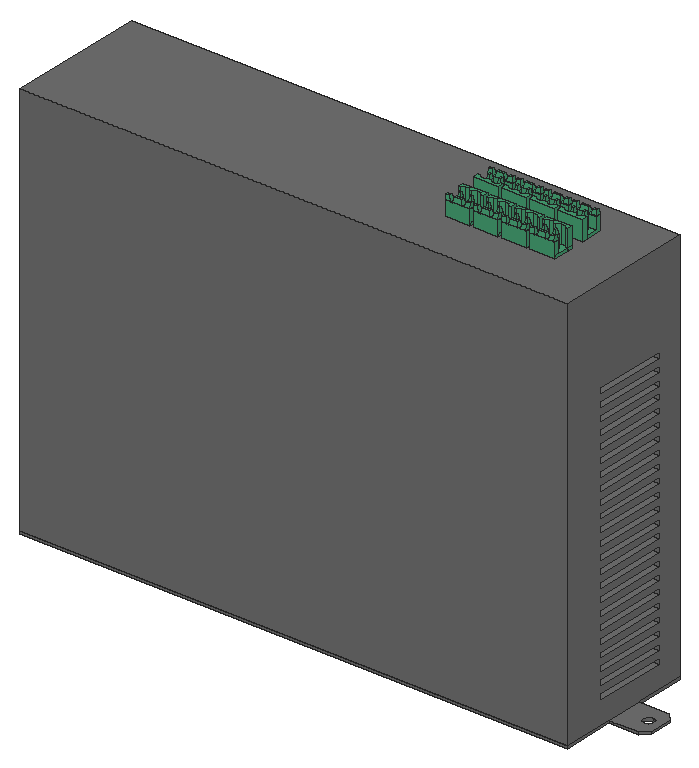
Revit family "БП24 12В 24В_RV17_LOD400 (05.10.23)", category Электрооборудование, Revit 2017
Family settings
  Конфигурация панели = Два столбца, слева направо
  Размер круглого соединителя = Использовать диаметр
  Тип детали = Щит
  На основе рабочей плоскости = Да
  Всегда вертикально = Нет
  При загрузке вырезать с полостями = Нет
  Общий = Нет
  Точка расчета площади = Нет
Parameters (values of type "БП24 Блок питания 12В/24В")
  Смещение_УГО_Y [instance] = 0 mm
  Смещение_УГО_X [instance] = 0 mm
  Раздел проекта [instance] = ""
  Раздел Спецификации [instance] = ""
  Потребляемый ток, не более, А = 7 A
  Default Elevation = 1219.2 mm
  Напряжение = "24"
  Входное напряжение постоянного тока, В = "9,2-18"
  Время непрерывной работы, ч = "круглосуточно"
  В_Смещение_УГО_Y [instance] = Смещение_УГО_Y + 2000 mm  # 2000 mm
  В_Смещение_УГО_X [instance] = Смещение_УГО_X + 2000 mm  # 2000 mm
  d_короба = 20 mm
  ADSK_Размер_Длина = 250 mm
  ADSK_Размер_Глубина = 160 mm
  ADSK_Размер_Высота = 56 mm
  ADSK_Примечание = ""
  ADSK_Наименование = "БП24 Блок питания 12В/24В"
  ADSK_Масса = 1.5
  ADSK_Марка = "СТВФ.426471.064"
  ADSK_Количество = 1
  ADSK_Завод-изготовитель = "ООО «Основа Безопасности»"  # constant formula
  ADSK_Единица измерения = "шт."  # constant formula
  ADSK_URL страницы изделия = "https://stilsoft.ru/products/12v-24v-bp24-1sv"
  ADSK_URL документации изделия = ""
Reference planes
  plane 1 "По центру (Вперед/Назад)": y = 0
  plane 2: z = 0
  plane 3 "По центру (Влево/Вправо)": x = 0
  plane 4: y = 2000
  plane 5: x = -2000
  plane 6: x = 0
  plane 7: y = 0
  plane 8: x = 125
  plane 9: x = -125
  plane 10 "2": x = 110
  plane 11 "1": x = -110
  plane 12: y = 28
  plane 13: y = -28
  plane 14: z = 160
Forms (mm)
  Extrusion 1, solid, material "корпус", detail levels medium+fine
    sketch origin (0, 28, 0) x (0, -1, 0) y (1, 0, 0)
      loop
        line (56, -110) -> (56, 110) -> (35.5, 110) -> (35.5, 121.988) -> (32.488, 125) -> (23.453, 125) -> (20.5, 122.047) -> (20.5, 110) -> (0, 110) -> (0, -110) -> (20.5, -110) -> (20.5, -122.047) -> (23.453, -125) -> (32.488, -125) -> (35.5, -121.988) -> (35.5, -110) -> (56, -110)
      loop
        circle (27.971, -120) r 2.068
      loop
        circle (27.971, 120) r 2.068
    from 0 to 1
  Extrusion 2, solid, material "корпус", detail levels medium+fine
    sketch origin (0, 28, 0) x (0, -1, 0) y (1, 0, 0)
      loop
        line (56, -110) -> (56, 110) -> (0, 110) -> (0, -110) -> (56, -110)
    from 1 to 160
  Extrusion 3, void
    sketch origin (-110, 28, 0) x (0, 1, 0) y (0, 0, -1)
      loop
        line (-10, -10) -> (-40, -10) -> (-40, -12.5) -> (-10, -12.5) -> (-10, -10)
    from 0 to -16
  Extrusion 4, void
    sketch origin (110, 28, 0) x (0, 1, 0) y (0, 0, 1)
      loop
        line (-10, 10) -> (-10, 12.5) -> (-40, 12.5) -> (-40, 10) -> (-10, 10)
    from 0 to -16
  Extrusion 5, void
    sketch origin (-110, 28, 5) x (0, 1, 0) y (0, 0, -1)
      loop
        line (-10, -10) -> (-40, -10) -> (-40, -12.5) -> (-10, -12.5) -> (-10, -10)
    from 0 to -16
  Extrusion 6, void
    sketch origin (110, 28, 5) x (0, 1, 0) y (0, 0, 1)
      loop
        line (-10, 10) -> (-10, 12.5) -> (-40, 12.5) -> (-40, 10) -> (-10, 10)
    from 0 to -16
  Extrusion 7, void
    sketch origin (-110, 28, 10) x (0, 1, 0) y (0, 0, -1)
      loop
        line (-10, -10) -> (-40, -10) -> (-40, -12.5) -> (-10, -12.5) -> (-10, -10)
    from 0 to -16
  Extrusion 8, void
    sketch origin (110, 28, 10) x (0, 1, 0) y (0, 0, 1)
      loop
        line (-10, 10) -> (-10, 12.5) -> (-40, 12.5) -> (-40, 10) -> (-10, 10)
    from 0 to -16
  Extrusion 9, void
    sketch origin (-110, 28, 15) x (0, 1, 0) y (0, 0, -1)
      loop
        line (-10, -10) -> (-40, -10) -> (-40, -12.5) -> (-10, -12.5) -> (-10, -10)
    from 0 to -16
  Extrusion 10, void
    sketch origin (110, 28, 15) x (0, 1, 0) y (0, 0, 1)
      loop
        line (-10, 10) -> (-10, 12.5) -> (-40, 12.5) -> (-40, 10) -> (-10, 10)
    from 0 to -16
  Extrusion 11, void
    sketch origin (-110, 28, 20) x (0, 1, 0) y (0, 0, -1)
      loop
        line (-10, -10) -> (-40, -10) -> (-40, -12.5) -> (-10, -12.5) -> (-10, -10)
    from 0 to -16
  Extrusion 12, void
    sketch origin (110, 28, 20) x (0, 1, 0) y (0, 0, 1)
      loop
        line (-10, 10) -> (-10, 12.5) -> (-40, 12.5) -> (-40, 10) -> (-10, 10)
    from 0 to -16
  Extrusion 13, void
    sketch origin (-110, 28, 25) x (0, 1, 0) y (0, 0, -1)
      loop
        line (-10, -10) -> (-40, -10) -> (-40, -12.5) -> (-10, -12.5) -> (-10, -10)
    from 0 to -16
  Extrusion 14, void
    sketch origin (110, 28, 25) x (0, 1, 0) y (0, 0, 1)
      loop
        line (-10, 10) -> (-10, 12.5) -> (-40, 12.5) -> (-40, 10) -> (-10, 10)
    from 0 to -16
  Extrusion 15, void
    sketch origin (-110, 28, 30) x (0, 1, 0) y (0, 0, -1)
      loop
        line (-10, -10) -> (-40, -10) -> (-40, -12.5) -> (-10, -12.5) -> (-10, -10)
    from 0 to -16
  Extrusion 16, void
    sketch origin (110, 28, 30) x (0, 1, 0) y (0, 0, 1)
      loop
        line (-10, 10) -> (-10, 12.5) -> (-40, 12.5) -> (-40, 10) -> (-10, 10)
    from 0 to -16
  Extrusion 17, void
    sketch origin (-110, 28, 35) x (0, 1, 0) y (0, 0, -1)
      loop
        line (-10, -10) -> (-40, -10) -> (-40, -12.5) -> (-10, -12.5) -> (-10, -10)
    from 0 to -16
  Extrusion 18, void
    sketch origin (110, 28, 35) x (0, 1, 0) y (0, 0, 1)
      loop
        line (-10, 10) -> (-10, 12.5) -> (-40, 12.5) -> (-40, 10) -> (-10, 10)
    from 0 to -16
  Extrusion 19, void
    sketch origin (-110, 28, 40) x (0, 1, 0) y (0, 0, -1)
      loop
        line (-10, -10) -> (-40, -10) -> (-40, -12.5) -> (-10, -12.5) -> (-10, -10)
    from 0 to -16
  Extrusion 20, void
    sketch origin (110, 28, 40) x (0, 1, 0) y (0, 0, 1)
      loop
        line (-10, 10) -> (-10, 12.5) -> (-40, 12.5) -> (-40, 10) -> (-10, 10)
    from 0 to -16
  Extrusion 21, void
    sketch origin (-110, 28, 45) x (0, 1, 0) y (0, 0, -1)
      loop
        line (-10, -10) -> (-40, -10) -> (-40, -12.5) -> (-10, -12.5) -> (-10, -10)
    from 0 to -16
  Extrusion 22, void
    sketch origin (110, 28, 45) x (0, 1, 0) y (0, 0, 1)
      loop
        line (-10, 10) -> (-10, 12.5) -> (-40, 12.5) -> (-40, 10) -> (-10, 10)
    from 0 to -16
  Extrusion 23, void
    sketch origin (-110, 28, 50) x (0, 1, 0) y (0, 0, -1)
      loop
        line (-10, -10) -> (-40, -10) -> (-40, -12.5) -> (-10, -12.5) -> (-10, -10)
    from 0 to -16
  Extrusion 24, void
    sketch origin (110, 28, 50) x (0, 1, 0) y (0, 0, 1)
      loop
        line (-10, 10) -> (-10, 12.5) -> (-40, 12.5) -> (-40, 10) -> (-10, 10)
    from 0 to -16
  Extrusion 25, void
    sketch origin (-110, 28, 55) x (0, 1, 0) y (0, 0, -1)
      loop
        line (-10, -10) -> (-40, -10) -> (-40, -12.5) -> (-10, -12.5) -> (-10, -10)
    from 0 to -16
  Extrusion 26, void
    sketch origin (110, 28, 55) x (0, 1, 0) y (0, 0, 1)
      loop
        line (-10, 10) -> (-10, 12.5) -> (-40, 12.5) -> (-40, 10) -> (-10, 10)
    from 0 to -16
  Extrusion 27, void
    sketch origin (-110, 28, 60) x (0, 1, 0) y (0, 0, -1)
      loop
        line (-10, -10) -> (-40, -10) -> (-40, -12.5) -> (-10, -12.5) -> (-10, -10)
    from 0 to -16
  Extrusion 28, void
    sketch origin (110, 28, 60) x (0, 1, 0) y (0, 0, 1)
      loop
        line (-10, 10) -> (-10, 12.5) -> (-40, 12.5) -> (-40, 10) -> (-10, 10)
    from 0 to -16
  Extrusion 29, void
    sketch origin (-110, 28, 65) x (0, 1, 0) y (0, 0, -1)
      loop
        line (-10, -10) -> (-40, -10) -> (-40, -12.5) -> (-10, -12.5) -> (-10, -10)
    from 0 to -16
  Extrusion 30, void
    sketch origin (110, 28, 65) x (0, 1, 0) y (0, 0, 1)
      loop
        line (-10, 10) -> (-10, 12.5) -> (-40, 12.5) -> (-40, 10) -> (-10, 10)
    from 0 to -16
  Extrusion 31, void
    sketch origin (-110, 28, 70) x (0, 1, 0) y (0, 0, -1)
      loop
        line (-10, -10) -> (-40, -10) -> (-40, -12.5) -> (-10, -12.5) -> (-10, -10)
    from 0 to -16
  Extrusion 32, void
    sketch origin (110, 28, 70) x (0, 1, 0) y (0, 0, 1)
      loop
        line (-10, 10) -> (-10, 12.5) -> (-40, 12.5) -> (-40, 10) -> (-10, 10)
    from 0 to -16
  Extrusion 33, void
    sketch origin (-110, 28, 75) x (0, 1, 0) y (0, 0, -1)
      loop
        line (-10, -10) -> (-40, -10) -> (-40, -12.5) -> (-10, -12.5) -> (-10, -10)
    from 0 to -16
  Extrusion 34, void
    sketch origin (110, 28, 75) x (0, 1, 0) y (0, 0, 1)
      loop
        line (-10, 10) -> (-10, 12.5) -> (-40, 12.5) -> (-40, 10) -> (-10, 10)
    from 0 to -16
  Extrusion 35, void
    sketch origin (-110, 28, 80) x (0, 1, 0) y (0, 0, -1)
      loop
        line (-10, -10) -> (-40, -10) -> (-40, -12.5) -> (-10, -12.5) -> (-10, -10)
    from 0 to -16
  Extrusion 36, void
    sketch origin (110, 28, 80) x (0, 1, 0) y (0, 0, 1)
      loop
        line (-10, 10) -> (-10, 12.5) -> (-40, 12.5) -> (-40, 10) -> (-10, 10)
    from 0 to -16
  Extrusion 37, void
    sketch origin (-110, 28, 85) x (0, 1, 0) y (0, 0, -1)
      loop
        line (-10, -10) -> (-40, -10) -> (-40, -12.5) -> (-10, -12.5) -> (-10, -10)
    from 0 to -16
  Extrusion 38, void
    sketch origin (110, 28, 85) x (0, 1, 0) y (0, 0, 1)
      loop
        line (-10, 10) -> (-10, 12.5) -> (-40, 12.5) -> (-40, 10) -> (-10, 10)
    from 0 to -16
  Extrusion 39, void
    sketch origin (-110, 28, 90) x (0, 1, 0) y (0, 0, -1)
      loop
        line (-10, -10) -> (-40, -10) -> (-40, -12.5) -> (-10, -12.5) -> (-10, -10)
    from 0 to -16
  Extrusion 40, void
    sketch origin (110, 28, 90) x (0, 1, 0) y (0, 0, 1)
      loop
        line (-10, 10) -> (-10, 12.5) -> (-40, 12.5) -> (-40, 10) -> (-10, 10)
    from 0 to -16
  Extrusion 41, void
    sketch origin (-110, 28, 95) x (0, 1, 0) y (0, 0, -1)
      loop
        line (-10, -10) -> (-40, -10) -> (-40, -12.5) -> (-10, -12.5) -> (-10, -10)
    from 0 to -16
  Extrusion 42, void
    sketch origin (110, 28, 95) x (0, 1, 0) y (0, 0, 1)
      loop
        line (-10, 10) -> (-10, 12.5) -> (-40, 12.5) -> (-40, 10) -> (-10, 10)
    from 0 to -16
  Extrusion 43, void
    sketch origin (-110, 28, 100) x (0, 1, 0) y (0, 0, -1)
      loop
        line (-10, -10) -> (-40, -10) -> (-40, -12.5) -> (-10, -12.5) -> (-10, -10)
    from 0 to -16
  Extrusion 44, void
    sketch origin (110, 28, 100) x (0, 1, 0) y (0, 0, 1)
      loop
        line (-10, 10) -> (-10, 12.5) -> (-40, 12.5) -> (-40, 10) -> (-10, 10)
    from 0 to -16
  Extrusion 45, void
    sketch origin (-110, 28, 105) x (0, 1, 0) y (0, 0, -1)
      loop
        line (-10, -10) -> (-40, -10) -> (-40, -12.5) -> (-10, -12.5) -> (-10, -10)
    from 0 to -16
  Extrusion 46, void
    sketch origin (110, 28, 105) x (0, 1, 0) y (0, 0, 1)
      loop
        line (-10, 10) -> (-10, 12.5) -> (-40, 12.5) -> (-40, 10) -> (-10, 10)
    from 0 to -16
  Extrusion 47, void
    sketch origin (-110, 28, 110) x (0, 1, 0) y (0, 0, -1)
      loop
        line (-10, -10) -> (-40, -10) -> (-40, -12.5) -> (-10, -12.5) -> (-10, -10)
    from 0 to -16
  Extrusion 48, void
    sketch origin (110, 28, 110) x (0, 1, 0) y (0, 0, 1)
      loop
        line (-10, 10) -> (-10, 12.5) -> (-40, 12.5) -> (-40, 10) -> (-10, 10)
    from 0 to -16
  Extrusion 49, solid, material "пластик", detail levels medium+fine
    sketch origin (0, 28, 160) x (-1, 0, 0) y (0, -1, 0)
      loop
        line (-88.874, 22.176) -> (-88.874, 20.194) -> (-87.999, 20.194) -> (-87.035, 21.158) -> (-85.275, 21.158) -> (-84.311, 20.194) -> (-83.437, 20.194) -> (-82.473, 21.158) -> (-80.713, 21.158) -> (-79.749, 20.194) -> (-78.874, 20.194) -> (-78.874, 22.176) -> (-88.874, 22.176)
    from 0 to 8
  Extrusion 50, solid, material "пластик", detail levels medium+fine
    sketch origin (0, 28, 160) x (-1, 0, 0) y (0, -1, 0)
      loop
        line (-88.874, 13.576) -> (-78.874, 13.576) -> (-78.874, 15.179) -> (-88.874, 15.179) -> (-88.874, 13.576)
      loop
        line (-86.7, 18.322) -> (-86.7, 16.951) -> (-85.492, 16.951) -> (-85.492, 18.322) -> (-86.7, 18.322)
      loop
        line (-81.048, 18.322) -> (-82.256, 18.322) -> (-82.256, 16.951) -> (-81.048, 16.951) -> (-81.048, 18.322)
    from 0 to 6
  Extrusion 51, solid, material "пластик", detail levels medium+fine
    sketch origin (0, 28, 160) x (-1, 0, 0) y (0, -1, 0)
      loop
        line (-88.874, 22.176) -> (-88.874, 13.576) -> (-78.874, 13.576) -> (-78.874, 22.176) -> (-88.874, 22.176)
    from 0 to 1
  Blend 52, solid, material "пластик", detail levels medium+fine
    base sketch origin (0, 28, 160) x (-1, 0, 0) y (0, -1, 0)
      loop
        line (-86.7, 18.322) -> (-86.7, 16.951) -> (-85.492, 16.951) -> (-85.492, 18.322) -> (-86.7, 18.322)
    top sketch origin (0, 28, 160) x (-1, 0, 0) y (0, -1, 0)
      loop
        line (-86.468, 18.039) -> (-86.468, 17.236) -> (-85.682, 17.236) -> (-85.682, 18.039) -> (-86.468, 18.039)
    from 6 to 8
  Blend 53, solid, material "пластик", detail levels medium+fine
    base sketch origin (0, 28, 160) x (-1, 0, 0) y (0, -1, 0)
      loop
        line (-82.256, 18.322) -> (-82.256, 16.951) -> (-81.048, 16.951) -> (-81.048, 18.322) -> (-82.256, 18.322)
    top sketch origin (0, 28, 160) x (-1, 0, 0) y (0, -1, 0)
      loop
        line (-82.024, 18.039) -> (-82.024, 17.236) -> (-81.238, 17.236) -> (-81.238, 18.039) -> (-82.024, 18.039)
    from 6 to 8
  Blend 54, solid, material "пластик", detail levels medium+fine
    base sketch origin (0, 28, 160) x (-1, 0, 0) y (0, -1, 0)
      loop
        line (-85.619, 15.179) -> (-85.619, 13.576) -> (-82.038, 13.576) -> (-82.038, 15.179) -> (-85.619, 15.179)
    top sketch origin (0, 28, 160) x (-1, 0, 0) y (0, -1, 0)
      loop
        line (-85.188, 14.742) -> (-85.188, 13.96) -> (-82.37, 13.96) -> (-82.37, 14.742) -> (-85.188, 14.742)
    from 6 to 8
  Blend 55, solid, material "пластик", detail levels medium+fine
    base sketch origin (0, 28, 160) x (-1, 0, 0) y (0, -1, 0)
      loop
        line (-80.909, 15.179) -> (-80.909, 13.576) -> (-78.874, 13.576) -> (-78.874, 15.179) -> (-80.909, 15.179)
    top sketch origin (0, 28, 160) x (-1, 0, 0) y (0, -1, 0)
      loop
        line (-80.546, 14.793) -> (-80.546, 13.954) -> (-78.874, 13.954) -> (-78.874, 14.793) -> (-80.546, 14.793)
    from 6 to 8
  Blend 56, solid, material "пластик", detail levels medium+fine
    base sketch origin (0, 28, 160) x (-1, 0, 0) y (0, -1, 0)
      loop
        line (-86.747, 15.179) -> (-88.783, 15.179) -> (-88.783, 13.576) -> (-86.747, 13.576) -> (-86.747, 15.179)
    top sketch origin (0, 28, 160) x (-1, 0, 0) y (0, -1, 0)
      loop
        line (-87.111, 14.793) -> (-88.783, 14.793) -> (-88.783, 13.954) -> (-87.111, 13.954) -> (-87.111, 14.793)
    from 6 to 8
  Extrusion 57, solid, material "пластик", detail levels medium+fine
    sketch origin (0, 28, 160) x (-1, 0, 0) y (0, -1, 0)
      loop
        line (-88.874, 27.824) -> (-78.874, 27.824) -> (-78.874, 29.806) -> (-79.749, 29.806) -> (-80.713, 28.842) -> (-82.473, 28.842) -> (-83.437, 29.806) -> (-84.311, 29.806) -> (-85.275, 28.842) -> (-87.035, 28.842) -> (-87.999, 29.806) -> (-88.874, 29.806) -> (-88.874, 27.824)
    from 0 to 8
  Extrusion 58, solid, material "пластик", detail levels medium+fine
    sketch origin (0, 28, 160) x (-1, 0, 0) y (0, -1, 0)
      loop
        line (-88.874, 36.424) -> (-88.874, 34.821) -> (-78.874, 34.821) -> (-78.874, 36.424) -> (-88.874, 36.424)
      loop
        line (-86.7, 31.678) -> (-85.492, 31.678) -> (-85.492, 33.049) -> (-86.7, 33.049) -> (-86.7, 31.678)
      loop
        line (-81.048, 31.678) -> (-81.048, 33.049) -> (-82.256, 33.049) -> (-82.256, 31.678) -> (-81.048, 31.678)
    from 0 to 6
  Extrusion 59, solid, material "пластик", detail levels medium+fine
    sketch origin (0, 28, 160) x (-1, 0, 0) y (0, -1, 0)
      loop
        line (-88.874, 27.824) -> (-78.874, 27.824) -> (-78.874, 36.424) -> (-88.874, 36.424) -> (-88.874, 27.824)
    from 0 to 1
  Blend 60, solid, material "пластик", detail levels medium+fine
    base sketch origin (0, 28, 160) x (-1, 0, 0) y (0, -1, 0)
      loop
        line (-86.7, 31.678) -> (-85.492, 31.678) -> (-85.492, 33.049) -> (-86.7, 33.049) -> (-86.7, 31.678)
    top sketch origin (0, 28, 160) x (-1, 0, 0) y (0, -1, 0)
      loop
        line (-86.468, 31.961) -> (-85.682, 31.961) -> (-85.682, 32.764) -> (-86.468, 32.764) -> (-86.468, 31.961)
    from 6 to 8
  Blend 61, solid, material "пластик", detail levels medium+fine
    base sketch origin (0, 28, 160) x (-1, 0, 0) y (0, -1, 0)
      loop
        line (-82.256, 31.678) -> (-81.048, 31.678) -> (-81.048, 33.049) -> (-82.256, 33.049) -> (-82.256, 31.678)
    top sketch origin (0, 28, 160) x (-1, 0, 0) y (0, -1, 0)
      loop
        line (-82.024, 31.961) -> (-81.238, 31.961) -> (-81.238, 32.764) -> (-82.024, 32.764) -> (-82.024, 31.961)
    from 6 to 8
  Blend 62, solid, material "пластик", detail levels medium+fine
    base sketch origin (0, 28, 160) x (-1, 0, 0) y (0, -1, 0)
      loop
        line (-85.619, 34.821) -> (-82.038, 34.821) -> (-82.038, 36.424) -> (-85.619, 36.424) -> (-85.619, 34.821)
    top sketch origin (0, 28, 160) x (-1, 0, 0) y (0, -1, 0)
      loop
        line (-85.188, 35.258) -> (-82.37, 35.258) -> (-82.37, 36.04) -> (-85.188, 36.04) -> (-85.188, 35.258)
    from 6 to 8
  Blend 63, solid, material "пластик", detail levels medium+fine
    base sketch origin (0, 28, 160) x (-1, 0, 0) y (0, -1, 0)
      loop
        line (-80.909, 34.821) -> (-78.874, 34.821) -> (-78.874, 36.424) -> (-80.909, 36.424) -> (-80.909, 34.821)
    top sketch origin (0, 28, 160) x (-1, 0, 0) y (0, -1, 0)
      loop
        line (-80.546, 35.207) -> (-78.874, 35.207) -> (-78.874, 36.046) -> (-80.546, 36.046) -> (-80.546, 35.207)
    from 6 to 8
  Blend 64, solid, material "пластик", detail levels medium+fine
    base sketch origin (0, 28, 160) x (-1, 0, 0) y (0, -1, 0)
      loop
        line (-86.747, 34.821) -> (-86.747, 36.424) -> (-88.783, 36.424) -> (-88.783, 34.821) -> (-86.747, 34.821)
    top sketch origin (0, 28, 160) x (-1, 0, 0) y (0, -1, 0)
      loop
        line (-87.111, 35.207) -> (-87.111, 36.046) -> (-88.783, 36.046) -> (-88.783, 35.207) -> (-87.111, 35.207)
    from 6 to 8
  Extrusion 65, solid, material "пластик", detail levels medium+fine
    sketch origin (176.237, 27.009, 160) x (-1, 0, 0) y (0, -1, 0)
      loop
        line (98.62, 21.184) -> (98.62, 19.202) -> (99.495, 19.202) -> (100.459, 20.166) -> (102.219, 20.166) -> (103.183, 19.202) -> (104.058, 19.202) -> (105.022, 20.166) -> (106.781, 20.166) -> (107.745, 19.202) -> (108.62, 19.202) -> (108.62, 21.184) -> (98.62, 21.184)
    from 0 to 8
  Extrusion 66, solid, material "пластик", detail levels medium+fine
    sketch origin (176.237, 27.009, 160) x (-1, 0, 0) y (0, -1, 0)
      loop
        line (98.62, 12.584) -> (108.62, 12.584) -> (108.62, 14.187) -> (98.62, 14.187) -> (98.62, 12.584)
      loop
        line (100.794, 17.33) -> (100.794, 15.959) -> (102.002, 15.959) -> (102.002, 17.33) -> (100.794, 17.33)
      loop
        line (106.446, 17.33) -> (105.238, 17.33) -> (105.238, 15.959) -> (106.446, 15.959) -> (106.446, 17.33)
    from 0 to 6
  Extrusion 67, solid, material "пластик", detail levels medium+fine
    sketch origin (176.237, 27.009, 160) x (-1, 0, 0) y (0, -1, 0)
      loop
        line (98.62, 21.184) -> (98.62, 12.584) -> (108.62, 12.584) -> (108.62, 21.184) -> (98.62, 21.184)
    from 0 to 1
  Blend 68, solid, material "пластик", detail levels medium+fine
    base sketch origin (176.237, 27.009, 160) x (-1, 0, 0) y (0, -1, 0)
      loop
        line (100.794, 17.33) -> (100.794, 15.959) -> (102.002, 15.959) -> (102.002, 17.33) -> (100.794, 17.33)
    top sketch origin (176.237, 27.009, 160) x (-1, 0, 0) y (0, -1, 0)
      loop
        line (101.026, 17.048) -> (101.026, 16.244) -> (101.812, 16.244) -> (101.812, 17.048) -> (101.026, 17.048)
    from 6 to 8
  Blend 69, solid, material "пластик", detail levels medium+fine
    base sketch origin (171.793, 27.009, 160) x (-1, 0, 0) y (0, -1, 0)
      loop
        line (100.794, 17.33) -> (100.794, 15.959) -> (102.002, 15.959) -> (102.002, 17.33) -> (100.794, 17.33)
    top sketch origin (171.793, 27.009, 160) x (-1, 0, 0) y (0, -1, 0)
      loop
        line (101.026, 17.048) -> (101.026, 16.244) -> (101.812, 16.244) -> (101.812, 17.048) -> (101.026, 17.048)
    from 6 to 8
  Blend 70, solid, material "пластик", detail levels medium+fine
    base sketch origin (176.237, 27.009, 160) x (-1, 0, 0) y (0, -1, 0)
      loop
        line (101.875, 14.187) -> (101.875, 12.584) -> (105.457, 12.584) -> (105.457, 14.187) -> (101.875, 14.187)
    top sketch origin (176.237, 27.009, 160) x (-1, 0, 0) y (0, -1, 0)
      loop
        line (102.306, 13.751) -> (102.306, 12.968) -> (105.125, 12.968) -> (105.125, 13.751) -> (102.306, 13.751)
    from 6 to 8
  Blend 71, solid, material "пластик", detail levels medium+fine
    base sketch origin (176.237, 27.009, 160) x (-1, 0, 0) y (0, -1, 0)
      loop
        line (106.585, 14.187) -> (106.585, 12.584) -> (108.62, 12.584) -> (108.62, 14.187) -> (106.585, 14.187)
    top sketch origin (176.237, 27.009, 160) x (-1, 0, 0) y (0, -1, 0)
      loop
        line (106.948, 13.801) -> (106.948, 12.962) -> (108.62, 12.962) -> (108.62, 13.801) -> (106.948, 13.801)
    from 6 to 8
  Blend 72, solid, material "пластик", detail levels medium+fine
    base sketch origin (-31.095, 27.009, 160) x (1, 0, 0) y (0, 1, 0)
      loop
        line (106.585, -14.187) -> (108.62, -14.187) -> (108.62, -12.584) -> (106.585, -12.584) -> (106.585, -14.187)
    top sketch origin (-31.095, 27.009, 160) x (1, 0, 0) y (0, 1, 0)
      loop
        line (106.948, -13.801) -> (108.62, -13.801) -> (108.62, -12.962) -> (106.948, -12.962) -> (106.948, -13.801)
    from 6 to 8
  Extrusion 73, solid, material "пластик", detail levels medium+fine
    sketch origin (176.237, -21.009, 160) x (-1, 0, 0) y (0, -1, 0)
      loop
        line (98.62, -21.184) -> (108.62, -21.184) -> (108.62, -19.202) -> (107.745, -19.202) -> (106.781, -20.166) -> (105.022, -20.166) -> (104.058, -19.202) -> (103.183, -19.202) -> (102.219, -20.166) -> (100.459, -20.166) -> (99.495, -19.202) -> (98.62, -19.202) -> (98.62, -21.184)
    from 0 to 8
  Extrusion 74, solid, material "пластик", detail levels medium+fine
    sketch origin (176.237, -21.009, 160) x (-1, 0, 0) y (0, -1, 0)
      loop
        line (98.62, -12.584) -> (98.62, -14.187) -> (108.62, -14.187) -> (108.62, -12.584) -> (98.62, -12.584)
      loop
        line (100.794, -17.33) -> (102.002, -17.33) -> (102.002, -15.959) -> (100.794, -15.959) -> (100.794, -17.33)
      loop
        line (106.446, -17.33) -> (106.446, -15.959) -> (105.238, -15.959) -> (105.238, -17.33) -> (106.446, -17.33)
    from 0 to 6
  Extrusion 75, solid, material "пластик", detail levels medium+fine
    sketch origin (0, 28, 160) x (-1, 0, 0) y (0, -1, 0)
      loop
        line (-77.617, 27.824) -> (-67.617, 27.824) -> (-67.617, 36.424) -> (-77.617, 36.424) -> (-77.617, 27.824)
    from 0 to 1
  Blend 76, solid, material "пластик", detail levels medium+fine
    base sketch origin (176.237, -21.009, 160) x (-1, 0, 0) y (0, -1, 0)
      loop
        line (100.794, -17.33) -> (102.002, -17.33) -> (102.002, -15.959) -> (100.794, -15.959) -> (100.794, -17.33)
    top sketch origin (176.237, -21.009, 160) x (-1, 0, 0) y (0, -1, 0)
      loop
        line (101.026, -17.048) -> (101.812, -17.048) -> (101.812, -16.244) -> (101.026, -16.244) -> (101.026, -17.048)
    from 6 to 8
  Blend 77, solid, material "пластик", detail levels medium+fine
    base sketch origin (171.793, -21.009, 160) x (-1, 0, 0) y (0, -1, 0)
      loop
        line (100.794, -17.33) -> (102.002, -17.33) -> (102.002, -15.959) -> (100.794, -15.959) -> (100.794, -17.33)
    top sketch origin (171.793, -21.009, 160) x (-1, 0, 0) y (0, -1, 0)
      loop
        line (101.026, -17.048) -> (101.812, -17.048) -> (101.812, -16.244) -> (101.026, -16.244) -> (101.026, -17.048)
    from 6 to 8
  Blend 78, solid, material "пластик", detail levels medium+fine
    base sketch origin (176.237, -21.009, 160) x (-1, 0, 0) y (0, -1, 0)
      loop
        line (101.875, -14.187) -> (105.457, -14.187) -> (105.457, -12.584) -> (101.875, -12.584) -> (101.875, -14.187)
    top sketch origin (176.237, -21.009, 160) x (-1, 0, 0) y (0, -1, 0)
      loop
        line (102.306, -13.751) -> (105.125, -13.751) -> (105.125, -12.968) -> (102.306, -12.968) -> (102.306, -13.751)
    from 6 to 8
  Blend 79, solid, material "пластик", detail levels medium+fine
    base sketch origin (176.237, -21.009, 160) x (-1, 0, 0) y (0, -1, 0)
      loop
        line (106.585, -14.187) -> (108.62, -14.187) -> (108.62, -12.584) -> (106.585, -12.584) -> (106.585, -14.187)
    top sketch origin (176.237, -21.009, 160) x (-1, 0, 0) y (0, -1, 0)
      loop
        line (106.948, -13.801) -> (108.62, -13.801) -> (108.62, -12.962) -> (106.948, -12.962) -> (106.948, -13.801)
    from 6 to 8
  Blend 80, solid, material "пластик", detail levels medium+fine
    base sketch origin (-31.095, -21.009, 160) x (1, 0, 0) y (0, 1, 0)
      loop
        line (106.585, 14.187) -> (106.585, 12.584) -> (108.62, 12.584) -> (108.62, 14.187) -> (106.585, 14.187)
    top sketch origin (-31.095, -21.009, 160) x (1, 0, 0) y (0, 1, 0)
      loop
        line (106.948, 13.801) -> (106.948, 12.962) -> (108.62, 12.962) -> (108.62, 13.801) -> (106.948, 13.801)
    from 6 to 8
  Extrusion 81, solid, material "пластик", detail levels medium+fine
    sketch origin (0, 28, 160) x (-1, 0, 0) y (0, -1, 0)
      loop
        line (-66.36, 22.176) -> (-66.36, 20.194) -> (-65.485, 20.194) -> (-64.521, 21.158) -> (-62.761, 21.158) -> (-61.797, 20.194) -> (-60.922, 20.194) -> (-59.958, 21.158) -> (-58.199, 21.158) -> (-57.235, 20.194) -> (-56.36, 20.194) -> (-56.36, 22.176) -> (-66.36, 22.176)
    from 0 to 8
  Extrusion 82, solid, material "пластик", detail levels medium+fine
    sketch origin (0, 28, 160) x (-1, 0, 0) y (0, -1, 0)
      loop
        line (-66.36, 13.576) -> (-56.36, 13.576) -> (-56.36, 15.179) -> (-66.36, 15.179) -> (-66.36, 13.576)
      loop
        line (-64.186, 18.322) -> (-64.186, 16.951) -> (-62.977, 16.951) -> (-62.977, 18.322) -> (-64.186, 18.322)
      loop
        line (-58.534, 18.322) -> (-59.742, 18.322) -> (-59.742, 16.951) -> (-58.534, 16.951) -> (-58.534, 18.322)
    from 0 to 6
  Extrusion 83, solid, material "пластик", detail levels medium+fine
    sketch origin (0, 28, 160) x (-1, 0, 0) y (0, -1, 0)
      loop
        line (-66.36, 22.176) -> (-66.36, 13.576) -> (-56.36, 13.576) -> (-56.36, 22.176) -> (-66.36, 22.176)
    from 0 to 1
  Blend 84, solid, material "пластик", detail levels medium+fine
    base sketch origin (0, 28, 160) x (-1, 0, 0) y (0, -1, 0)
      loop
        line (-64.186, 18.322) -> (-64.186, 16.951) -> (-62.977, 16.951) -> (-62.977, 18.322) -> (-64.186, 18.322)
    top sketch origin (0, 28, 160) x (-1, 0, 0) y (0, -1, 0)
      loop
        line (-63.954, 18.039) -> (-63.954, 17.236) -> (-63.168, 17.236) -> (-63.168, 18.039) -> (-63.954, 18.039)
    from 6 to 8
  Blend 85, solid, material "пластик", detail levels medium+fine
    base sketch origin (0, 28, 160) x (-1, 0, 0) y (0, -1, 0)
      loop
        line (-59.742, 18.322) -> (-59.742, 16.951) -> (-58.534, 16.951) -> (-58.534, 18.322) -> (-59.742, 18.322)
    top sketch origin (0, 28, 160) x (-1, 0, 0) y (0, -1, 0)
      loop
        line (-59.51, 18.039) -> (-59.51, 17.236) -> (-58.724, 17.236) -> (-58.724, 18.039) -> (-59.51, 18.039)
    from 6 to 8
  Blend 86, solid, material "пластик", detail levels medium+fine
    base sketch origin (0, 28, 160) x (-1, 0, 0) y (0, -1, 0)
      loop
        line (-63.105, 15.179) -> (-63.105, 13.576) -> (-59.523, 13.576) -> (-59.523, 15.179) -> (-63.105, 15.179)
    top sketch origin (0, 28, 160) x (-1, 0, 0) y (0, -1, 0)
      loop
        line (-62.674, 14.742) -> (-62.674, 13.96) -> (-59.855, 13.96) -> (-59.855, 14.742) -> (-62.674, 14.742)
    from 6 to 8
  Blend 87, solid, material "пластик", detail levels medium+fine
    base sketch origin (0, 28, 160) x (-1, 0, 0) y (0, -1, 0)
      loop
        line (-58.395, 15.179) -> (-58.395, 13.576) -> (-56.36, 13.576) -> (-56.36, 15.179) -> (-58.395, 15.179)
    top sketch origin (0, 28, 160) x (-1, 0, 0) y (0, -1, 0)
      loop
        line (-58.032, 14.793) -> (-58.032, 13.954) -> (-56.36, 13.954) -> (-56.36, 14.793) -> (-58.032, 14.793)
    from 6 to 8
  Blend 88, solid, material "пластик", detail levels medium+fine
    base sketch origin (0, 28, 160) x (-1, 0, 0) y (0, -1, 0)
      loop
        line (-64.233, 15.179) -> (-66.268, 15.179) -> (-66.268, 13.576) -> (-64.233, 13.576) -> (-64.233, 15.179)
    top sketch origin (0, 28, 160) x (-1, 0, 0) y (0, -1, 0)
      loop
        line (-64.597, 14.793) -> (-66.268, 14.793) -> (-66.268, 13.954) -> (-64.597, 13.954) -> (-64.597, 14.793)
    from 6 to 8
  Extrusion 89, solid, material "пластик", detail levels medium+fine
    sketch origin (0, 28, 160) x (-1, 0, 0) y (0, -1, 0)
      loop
        line (-66.36, 27.824) -> (-56.36, 27.824) -> (-56.36, 29.806) -> (-57.235, 29.806) -> (-58.199, 28.842) -> (-59.958, 28.842) -> (-60.922, 29.806) -> (-61.797, 29.806) -> (-62.761, 28.842) -> (-64.521, 28.842) -> (-65.485, 29.806) -> (-66.36, 29.806) -> (-66.36, 27.824)
    from 0 to 8
  Extrusion 90, solid, material "пластик", detail levels medium+fine
    sketch origin (0, 28, 160) x (-1, 0, 0) y (0, -1, 0)
      loop
        line (-66.36, 36.424) -> (-66.36, 34.821) -> (-56.36, 34.821) -> (-56.36, 36.424) -> (-66.36, 36.424)
      loop
        line (-64.186, 31.678) -> (-62.977, 31.678) -> (-62.977, 33.049) -> (-64.186, 33.049) -> (-64.186, 31.678)
      loop
        line (-58.534, 31.678) -> (-58.534, 33.049) -> (-59.742, 33.049) -> (-59.742, 31.678) -> (-58.534, 31.678)
    from 0 to 6
  Extrusion 91, solid, material "пластик", detail levels medium+fine
    sketch origin (0, 28, 160) x (-1, 0, 0) y (0, -1, 0)
      loop
        line (-66.36, 27.824) -> (-56.36, 27.824) -> (-56.36, 36.424) -> (-66.36, 36.424) -> (-66.36, 27.824)
    from 0 to 1
  Blend 92, solid, material "пластик", detail levels medium+fine
    base sketch origin (0, 28, 160) x (-1, 0, 0) y (0, -1, 0)
      loop
        line (-64.186, 31.678) -> (-62.977, 31.678) -> (-62.977, 33.049) -> (-64.186, 33.049) -> (-64.186, 31.678)
    top sketch origin (0, 28, 160) x (-1, 0, 0) y (0, -1, 0)
      loop
        line (-63.954, 31.961) -> (-63.168, 31.961) -> (-63.168, 32.764) -> (-63.954, 32.764) -> (-63.954, 31.961)
    from 6 to 8
  Blend 93, solid, material "пластик", detail levels medium+fine
    base sketch origin (0, 28, 160) x (-1, 0, 0) y (0, -1, 0)
      loop
        line (-59.742, 31.678) -> (-58.534, 31.678) -> (-58.534, 33.049) -> (-59.742, 33.049) -> (-59.742, 31.678)
    top sketch origin (0, 28, 160) x (-1, 0, 0) y (0, -1, 0)
      loop
        line (-59.51, 31.961) -> (-58.724, 31.961) -> (-58.724, 32.764) -> (-59.51, 32.764) -> (-59.51, 31.961)
    from 6 to 8
  Blend 94, solid, material "пластик", detail levels medium+fine
    base sketch origin (0, 28, 160) x (-1, 0, 0) y (0, -1, 0)
      loop
        line (-63.105, 34.821) -> (-59.523, 34.821) -> (-59.523, 36.424) -> (-63.105, 36.424) -> (-63.105, 34.821)
    top sketch origin (0, 28, 160) x (-1, 0, 0) y (0, -1, 0)
      loop
        line (-62.674, 35.258) -> (-59.855, 35.258) -> (-59.855, 36.04) -> (-62.674, 36.04) -> (-62.674, 35.258)
    from 6 to 8
  Blend 95, solid, material "пластик", detail levels medium+fine
    base sketch origin (0, 28, 160) x (-1, 0, 0) y (0, -1, 0)
      loop
        line (-58.395, 34.821) -> (-56.36, 34.821) -> (-56.36, 36.424) -> (-58.395, 36.424) -> (-58.395, 34.821)
    top sketch origin (0, 28, 160) x (-1, 0, 0) y (0, -1, 0)
      loop
        line (-58.032, 35.207) -> (-56.36, 35.207) -> (-56.36, 36.046) -> (-58.032, 36.046) -> (-58.032, 35.207)
    from 6 to 8
  Blend 96, solid, material "пластик", detail levels medium+fine
    base sketch origin (0, 28, 160) x (-1, 0, 0) y (0, -1, 0)
      loop
        line (-64.233, 34.821) -> (-64.233, 36.424) -> (-66.268, 36.424) -> (-66.268, 34.821) -> (-64.233, 34.821)
    top sketch origin (0, 28, 160) x (-1, 0, 0) y (0, -1, 0)
      loop
        line (-64.597, 35.207) -> (-64.597, 36.046) -> (-66.268, 36.046) -> (-66.268, 35.207) -> (-64.597, 35.207)
    from 6 to 8
  Extrusion 97, solid, material "пластик", detail levels medium+fine
    sketch origin (0, 28, 160) x (-1, 0, 0) y (0, -1, 0)
      loop
        line (-55.103, 22.176) -> (-55.103, 20.194) -> (-54.228, 20.194) -> (-53.264, 21.158) -> (-51.504, 21.158) -> (-50.54, 20.194) -> (-49.665, 20.194) -> (-48.701, 21.158) -> (-46.941, 21.158) -> (-45.977, 20.194) -> (-45.103, 20.194) -> (-45.103, 22.176) -> (-55.103, 22.176)
    from 0 to 8
  Extrusion 98, solid, material "пластик", detail levels medium+fine
    sketch origin (0, 28, 160) x (-1, 0, 0) y (0, -1, 0)
      loop
        line (-55.103, 13.576) -> (-45.103, 13.576) -> (-45.103, 15.179) -> (-55.103, 15.179) -> (-55.103, 13.576)
      loop
        line (-52.929, 18.322) -> (-52.929, 16.951) -> (-51.72, 16.951) -> (-51.72, 18.322) -> (-52.929, 18.322)
      loop
        line (-47.277, 18.322) -> (-48.485, 18.322) -> (-48.485, 16.951) -> (-47.277, 16.951) -> (-47.277, 18.322)
    from 0 to 6
  Extrusion 99, solid, material "пластик", detail levels medium+fine
    sketch origin (0, 28, 160) x (-1, 0, 0) y (0, -1, 0)
      loop
        line (-55.103, 22.176) -> (-55.103, 13.576) -> (-45.103, 13.576) -> (-45.103, 22.176) -> (-55.103, 22.176)
    from 0 to 1
  Blend 100, solid, material "пластик", detail levels medium+fine
    base sketch origin (0, 28, 160) x (-1, 0, 0) y (0, -1, 0)
      loop
        line (-52.929, 18.322) -> (-52.929, 16.951) -> (-51.72, 16.951) -> (-51.72, 18.322) -> (-52.929, 18.322)
    top sketch origin (0, 28, 160) x (-1, 0, 0) y (0, -1, 0)
      loop
        line (-52.697, 18.039) -> (-52.697, 17.236) -> (-51.911, 17.236) -> (-51.911, 18.039) -> (-52.697, 18.039)
    from 6 to 8
  Blend 101, solid, material "пластик", detail levels medium+fine
    base sketch origin (0, 28, 160) x (-1, 0, 0) y (0, -1, 0)
      loop
        line (-48.485, 18.322) -> (-48.485, 16.951) -> (-47.277, 16.951) -> (-47.277, 18.322) -> (-48.485, 18.322)
    top sketch origin (0, 28, 160) x (-1, 0, 0) y (0, -1, 0)
      loop
        line (-48.253, 18.039) -> (-48.253, 17.236) -> (-47.467, 17.236) -> (-47.467, 18.039) -> (-48.253, 18.039)
    from 6 to 8
  Blend 102, solid, material "пластик", detail levels medium+fine
    base sketch origin (0, 28, 160) x (-1, 0, 0) y (0, -1, 0)
      loop
        line (-51.848, 15.179) -> (-51.848, 13.576) -> (-48.266, 13.576) -> (-48.266, 15.179) -> (-51.848, 15.179)
    top sketch origin (0, 28, 160) x (-1, 0, 0) y (0, -1, 0)
      loop
        line (-51.416, 14.742) -> (-51.416, 13.96) -> (-48.598, 13.96) -> (-48.598, 14.742) -> (-51.416, 14.742)
    from 6 to 8
  Blend 103, solid, material "пластик", detail levels medium+fine
    base sketch origin (0, 28, 160) x (-1, 0, 0) y (0, -1, 0)
      loop
        line (-47.138, 15.179) -> (-47.138, 13.576) -> (-45.103, 13.576) -> (-45.103, 15.179) -> (-47.138, 15.179)
    top sketch origin (0, 28, 160) x (-1, 0, 0) y (0, -1, 0)
      loop
        line (-46.774, 14.793) -> (-46.774, 13.954) -> (-45.103, 13.954) -> (-45.103, 14.793) -> (-46.774, 14.793)
    from 6 to 8
  Blend 104, solid, material "пластик", detail levels medium+fine
    base sketch origin (0, 28, 160) x (-1, 0, 0) y (0, -1, 0)
      loop
        line (-52.976, 15.179) -> (-55.011, 15.179) -> (-55.011, 13.576) -> (-52.976, 13.576) -> (-52.976, 15.179)
    top sketch origin (0, 28, 160) x (-1, 0, 0) y (0, -1, 0)
      loop
        line (-53.339, 14.793) -> (-55.011, 14.793) -> (-55.011, 13.954) -> (-53.339, 13.954) -> (-53.339, 14.793)
    from 6 to 8
  Extrusion 105, solid, material "пластик", detail levels medium+fine
    sketch origin (0, 28, 160) x (-1, 0, 0) y (0, -1, 0)
      loop
        line (-55.103, 27.824) -> (-45.103, 27.824) -> (-45.103, 29.806) -> (-45.977, 29.806) -> (-46.941, 28.842) -> (-48.701, 28.842) -> (-49.665, 29.806) -> (-50.54, 29.806) -> (-51.504, 28.842) -> (-53.264, 28.842) -> (-54.228, 29.806) -> (-55.103, 29.806) -> (-55.103, 27.824)
    from 0 to 8
  Extrusion 106, solid, material "пластик", detail levels medium+fine
    sketch origin (0, 28, 160) x (-1, 0, 0) y (0, -1, 0)
      loop
        line (-55.103, 36.424) -> (-55.103, 34.821) -> (-45.103, 34.821) -> (-45.103, 36.424) -> (-55.103, 36.424)
      loop
        line (-52.929, 31.678) -> (-51.72, 31.678) -> (-51.72, 33.049) -> (-52.929, 33.049) -> (-52.929, 31.678)
      loop
        line (-47.277, 31.678) -> (-47.277, 33.049) -> (-48.485, 33.049) -> (-48.485, 31.678) -> (-47.277, 31.678)
    from 0 to 6
  Extrusion 107, solid, material "пластик", detail levels medium+fine
    sketch origin (0, 28, 160) x (-1, 0, 0) y (0, -1, 0)
      loop
        line (-55.103, 27.824) -> (-45.103, 27.824) -> (-45.103, 36.424) -> (-55.103, 36.424) -> (-55.103, 27.824)
    from 0 to 1
  Blend 108, solid, material "пластик", detail levels medium+fine
    base sketch origin (0, 28, 160) x (-1, 0, 0) y (0, -1, 0)
      loop
        line (-52.929, 31.678) -> (-51.72, 31.678) -> (-51.72, 33.049) -> (-52.929, 33.049) -> (-52.929, 31.678)
    top sketch origin (0, 28, 160) x (-1, 0, 0) y (0, -1, 0)
      loop
        line (-52.697, 31.961) -> (-51.911, 31.961) -> (-51.911, 32.764) -> (-52.697, 32.764) -> (-52.697, 31.961)
    from 6 to 8
  Blend 109, solid, material "пластик", detail levels medium+fine
    base sketch origin (0, 28, 160) x (-1, 0, 0) y (0, -1, 0)
      loop
        line (-48.485, 31.678) -> (-47.277, 31.678) -> (-47.277, 33.049) -> (-48.485, 33.049) -> (-48.485, 31.678)
    top sketch origin (0, 28, 160) x (-1, 0, 0) y (0, -1, 0)
      loop
        line (-48.253, 31.961) -> (-47.467, 31.961) -> (-47.467, 32.764) -> (-48.253, 32.764) -> (-48.253, 31.961)
    from 6 to 8
  Blend 110, solid, material "пластик", detail levels medium+fine
    base sketch origin (0, 28, 160) x (-1, 0, 0) y (0, -1, 0)
      loop
        line (-51.848, 34.821) -> (-48.266, 34.821) -> (-48.266, 36.424) -> (-51.848, 36.424) -> (-51.848, 34.821)
    top sketch origin (0, 28, 160) x (-1, 0, 0) y (0, -1, 0)
      loop
        line (-51.416, 35.258) -> (-48.598, 35.258) -> (-48.598, 36.04) -> (-51.416, 36.04) -> (-51.416, 35.258)
    from 6 to 8
  Blend 111, solid, material "пластик", detail levels medium+fine
    base sketch origin (0, 28, 160) x (-1, 0, 0) y (0, -1, 0)
      loop
        line (-47.138, 34.821) -> (-45.103, 34.821) -> (-45.103, 36.424) -> (-47.138, 36.424) -> (-47.138, 34.821)
    top sketch origin (0, 28, 160) x (-1, 0, 0) y (0, -1, 0)
      loop
        line (-46.774, 35.207) -> (-45.103, 35.207) -> (-45.103, 36.046) -> (-46.774, 36.046) -> (-46.774, 35.207)
    from 6 to 8
  Blend 112, solid, material "пластик", detail levels medium+fine
    base sketch origin (0, 28, 160) x (-1, 0, 0) y (0, -1, 0)
      loop
        line (-52.976, 34.821) -> (-52.976, 36.424) -> (-55.011, 36.424) -> (-55.011, 34.821) -> (-52.976, 34.821)
    top sketch origin (0, 28, 160) x (-1, 0, 0) y (0, -1, 0)
      loop
        line (-53.339, 35.207) -> (-53.339, 36.046) -> (-55.011, 36.046) -> (-55.011, 35.207) -> (-53.339, 35.207)
    from 6 to 8
Cuts and joins
  Extrusion 3, Extrusion 4, Extrusion 5, Extrusion 6, Extrusion 7, Extrusion 8, Extrusion 9, Extrusion 10, Extrusion 11, Extrusion 12, Extrusion 13, Extrusion 14, Extrusion 15, Extrusion 16, Extrusion 17, Extrusion 18, Extrusion 19, Extrusion 20, Extrusion 21, Extrusion 22, Extrusion 23, Extrusion 24, Extrusion 25, Extrusion 26, Extrusion 27, Extrusion 28, Extrusion 29, Extrusion 30, Extrusion 31, Extrusion 32, Extrusion 33, Extrusion 34, Extrusion 35, Extrusion 36, Extrusion 37, Extrusion 38, Extrusion 39, Extrusion 40, Extrusion 41, Extrusion 42, Extrusion 43, Extrusion 44, Extrusion 45, Extrusion 46, Extrusion 47, Extrusion 48 cuts Extrusion 2
  joined: Extrusion 50, Extrusion 51
Dimensions and locks
  locked: plane 4 to plane 1 "По центру (Вперед/Назад)" at 2000
  locked: plane 5 to plane 3 "По центру (Влево/Вправо)" at 2000
  "В_Смещение_УГО_X": plane 5 to plane 6
  "В_Смещение_УГО_Y": plane 4 to plane 7
  "ADSK_Размер_Длина": plane 9 to plane 8
  "ADSK_Размер_Высота": plane 12 to plane 13
  "ADSK_Размер_Глубина": plane 14 to level
  aligned and locked: level to plane 2
Automatic sketch dimensions
  Extrusion 3 sketch curve to Extrusion 3 sketch curve = 2.5 mm
  Extrusion 4 sketch curve to Extrusion 4 sketch curve = 2.5 mm
  Extrusion 3 sketch curve to Extrusion 3 sketch curve = 30 mm
  Extrusion 4 sketch curve to Extrusion 4 sketch curve = 30 mm
  Extrusion 5 sketch curve to Extrusion 5 sketch curve = 2.5 mm
  Extrusion 6 sketch curve to Extrusion 6 sketch curve = 2.5 mm
  Extrusion 5 sketch curve to Extrusion 5 sketch curve = 30 mm
  Extrusion 6 sketch curve to Extrusion 6 sketch curve = 30 mm
  Extrusion 7 sketch curve to Extrusion 7 sketch curve = 2.5 mm
  Extrusion 8 sketch curve to Extrusion 8 sketch curve = 2.5 mm
  Extrusion 7 sketch curve to Extrusion 7 sketch curve = 30 mm
  Extrusion 8 sketch curve to Extrusion 8 sketch curve = 30 mm
  Extrusion 9 sketch curve to Extrusion 9 sketch curve = 2.5 mm
  Extrusion 10 sketch curve to Extrusion 10 sketch curve = 2.5 mm
  Extrusion 9 sketch curve to Extrusion 9 sketch curve = 30 mm
  Extrusion 10 sketch curve to Extrusion 10 sketch curve = 30 mm
  Extrusion 11 sketch curve to Extrusion 11 sketch curve = 2.5 mm
  Extrusion 12 sketch curve to Extrusion 12 sketch curve = 2.5 mm
  Extrusion 11 sketch curve to Extrusion 11 sketch curve = 30 mm
  Extrusion 12 sketch curve to Extrusion 12 sketch curve = 30 mm
  Extrusion 13 sketch curve to Extrusion 13 sketch curve = 2.5 mm
  Extrusion 14 sketch curve to Extrusion 14 sketch curve = 2.5 mm
  Extrusion 13 sketch curve to Extrusion 13 sketch curve = 30 mm
  Extrusion 14 sketch curve to Extrusion 14 sketch curve = 30 mm
  Extrusion 15 sketch curve to Extrusion 15 sketch curve = 2.5 mm
  Extrusion 16 sketch curve to Extrusion 16 sketch curve = 2.5 mm
  Extrusion 15 sketch curve to Extrusion 15 sketch curve = 30 mm
  Extrusion 16 sketch curve to Extrusion 16 sketch curve = 30 mm
  Extrusion 17 sketch curve to Extrusion 17 sketch curve = 2.5 mm
  Extrusion 18 sketch curve to Extrusion 18 sketch curve = 2.5 mm
  Extrusion 17 sketch curve to Extrusion 17 sketch curve = 30 mm
  Extrusion 18 sketch curve to Extrusion 18 sketch curve = 30 mm
  Extrusion 19 sketch curve to Extrusion 19 sketch curve = 2.5 mm
  Extrusion 20 sketch curve to Extrusion 20 sketch curve = 2.5 mm
  Extrusion 19 sketch curve to Extrusion 19 sketch curve = 30 mm
  Extrusion 20 sketch curve to Extrusion 20 sketch curve = 30 mm
  Extrusion 21 sketch curve to Extrusion 21 sketch curve = 2.5 mm
  Extrusion 22 sketch curve to Extrusion 22 sketch curve = 2.5 mm
  Extrusion 21 sketch curve to Extrusion 21 sketch curve = 30 mm
  Extrusion 22 sketch curve to Extrusion 22 sketch curve = 30 mm
  Extrusion 23 sketch curve to Extrusion 23 sketch curve = 2.5 mm
  Extrusion 24 sketch curve to Extrusion 24 sketch curve = 2.5 mm
  Extrusion 23 sketch curve to Extrusion 23 sketch curve = 30 mm
  Extrusion 24 sketch curve to Extrusion 24 sketch curve = 30 mm
  Extrusion 25 sketch curve to Extrusion 25 sketch curve = 2.5 mm
  Extrusion 26 sketch curve to Extrusion 26 sketch curve = 2.5 mm
  Extrusion 25 sketch curve to Extrusion 25 sketch curve = 30 mm
  Extrusion 26 sketch curve to Extrusion 26 sketch curve = 30 mm
  Extrusion 27 sketch curve to Extrusion 27 sketch curve = 2.5 mm
  Extrusion 28 sketch curve to Extrusion 28 sketch curve = 2.5 mm
  Extrusion 27 sketch curve to Extrusion 27 sketch curve = 30 mm
  Extrusion 28 sketch curve to Extrusion 28 sketch curve = 30 mm
  Extrusion 29 sketch curve to Extrusion 29 sketch curve = 2.5 mm
  Extrusion 30 sketch curve to Extrusion 30 sketch curve = 2.5 mm
  Extrusion 29 sketch curve to Extrusion 29 sketch curve = 30 mm
  Extrusion 30 sketch curve to Extrusion 30 sketch curve = 30 mm
  Extrusion 31 sketch curve to Extrusion 31 sketch curve = 2.5 mm
  Extrusion 32 sketch curve to Extrusion 32 sketch curve = 2.5 mm
  Extrusion 31 sketch curve to Extrusion 31 sketch curve = 30 mm
  Extrusion 32 sketch curve to Extrusion 32 sketch curve = 30 mm
  Extrusion 33 sketch curve to Extrusion 33 sketch curve = 2.5 mm
  Extrusion 34 sketch curve to Extrusion 34 sketch curve = 2.5 mm
  Extrusion 33 sketch curve to Extrusion 33 sketch curve = 30 mm
  Extrusion 34 sketch curve to Extrusion 34 sketch curve = 30 mm
  Extrusion 35 sketch curve to Extrusion 35 sketch curve = 2.5 mm
  Extrusion 36 sketch curve to Extrusion 36 sketch curve = 2.5 mm
  Extrusion 35 sketch curve to Extrusion 35 sketch curve = 30 mm
  Extrusion 36 sketch curve to Extrusion 36 sketch curve = 30 mm
  Extrusion 37 sketch curve to Extrusion 37 sketch curve = 2.5 mm
  Extrusion 38 sketch curve to Extrusion 38 sketch curve = 2.5 mm
  Extrusion 37 sketch curve to Extrusion 37 sketch curve = 30 mm
  Extrusion 38 sketch curve to Extrusion 38 sketch curve = 30 mm
  Extrusion 39 sketch curve to Extrusion 39 sketch curve = 2.5 mm
  Extrusion 40 sketch curve to Extrusion 40 sketch curve = 2.5 mm
  Extrusion 39 sketch curve to Extrusion 39 sketch curve = 30 mm
  Extrusion 40 sketch curve to Extrusion 40 sketch curve = 30 mm
  Extrusion 41 sketch curve to Extrusion 41 sketch curve = 2.5 mm
  Extrusion 42 sketch curve to Extrusion 42 sketch curve = 2.5 mm
  Extrusion 41 sketch curve to Extrusion 41 sketch curve = 30 mm
  Extrusion 42 sketch curve to Extrusion 42 sketch curve = 30 mm
  Extrusion 43 sketch curve to Extrusion 43 sketch curve = 2.5 mm
  Extrusion 44 sketch curve to Extrusion 44 sketch curve = 2.5 mm
  Extrusion 43 sketch curve to Extrusion 43 sketch curve = 30 mm
  Extrusion 44 sketch curve to Extrusion 44 sketch curve = 30 mm
  Extrusion 45 sketch curve to Extrusion 45 sketch curve = 2.5 mm
  Extrusion 46 sketch curve to Extrusion 46 sketch curve = 2.5 mm
  Extrusion 45 sketch curve to Extrusion 45 sketch curve = 30 mm
  Extrusion 46 sketch curve to Extrusion 46 sketch curve = 30 mm
  Extrusion 47 sketch curve to Extrusion 47 sketch curve = 2.5 mm
  Extrusion 48 sketch curve to Extrusion 48 sketch curve = 2.5 mm
  Extrusion 47 sketch curve to Extrusion 47 sketch curve = 30 mm
  Extrusion 48 sketch curve to Extrusion 48 sketch curve = 30 mm
  Extrusion 1 sketch curve to plane 1 "По центру (Вперед/Назад)" = 28 mm
  Extrusion 1 sketch curve to plane 11 "1" = 0 mm  (x2)
  Extrusion 1 sketch curve to plane 10 "2" = 0 mm  (x2)
  Extrusion 1 sketch curve to plane 8 = 0 mm
  Extrusion 1 sketch curve to plane 9 = 0 mm
  Extrusion 1 sketch curve to plane 1 "По центру (Вперед/Назад)" = 7.5 mm  (x2)
  Extrusion 1 sketch curve to plane 8 = 2.953 mm
  Extrusion 1 sketch curve to Extrusion 1 sketch curve = 2.953 mm  (x2)
  Extrusion 1 sketch curve to Extrusion 1 sketch curve = 4.517 mm  (x4)
  Extrusion 1 sketch curve to Extrusion 1 sketch curve = 7.529 mm
  Extrusion 1 sketch curve to plane 8 = 3.012 mm
  Extrusion 1 sketch curve to Extrusion 1 sketch curve = 3.012 mm
  Extrusion 1 sketch curve to Extrusion 1 sketch curve = 20.5 mm
  Extrusion 1 sketch curve to plane 9 = 2.953 mm
  Extrusion 1 sketch curve to plane 9 = 3.012 mm
  Extrusion 1 sketch curve to plane 9 = 5 mm
  Extrusion 1 sketch curve to plane 8 = 5 mm
  Extrusion 2 sketch curve to plane 1 "По центру (Вперед/Назад)" = 28 mm
  Extrusion 2 sketch curve to plane 11 "1" = 0 mm
  Extrusion 2 sketch curve to plane 10 "2" = 0 mm
  plane 1 "По центру (Вперед/Назад)" to Extrusion 2 sketch curve = 28 mm
  Extrusion 49 sketch curve to plane 10 "2" = 21.126 mm
  Extrusion 49 sketch curve to Extrusion 49 sketch curve = 0.875 mm  (x2)
  Extrusion 49 sketch curve to Extrusion 49 sketch curve = 0.964 mm  (x6)
  Extrusion 49 sketch curve to Extrusion 49 sketch curve = 1.76 mm  (x2)
  Extrusion 49 sketch curve to Extrusion 49 sketch curve = 1.839 mm
  Extrusion 49 sketch curve to plane 1 "По центру (Вперед/Назад)" = 7.806 mm
  Extrusion 49 sketch curve to Extrusion 49 sketch curve = 0 mm  (x2)
  Extrusion 49 sketch curve to Extrusion 49 sketch curve = 1.982 mm
  Extrusion 50 sketch curve to plane 10 "2" = 21.126 mm
  Extrusion 50 sketch curve to Extrusion 50 sketch curve = 2.174 mm  (x2)
  Extrusion 50 sketch curve to Extrusion 50 sketch curve = 1.208 mm  (x2)
  Extrusion 50 sketch curve to Extrusion 50 sketch curve = 3.236 mm
  Extrusion 50 sketch curve to plane 1 "По центру (Вперед/Назад)" = 14.424 mm
  Extrusion 50 sketch curve to Extrusion 50 sketch curve = 1.603 mm
  Extrusion 50 sketch curve to Extrusion 50 sketch curve = 1.772 mm  (x2)
  Extrusion 50 sketch curve to Extrusion 50 sketch curve = 1.371 mm  (x2)
  Extrusion 51 sketch curve to plane 10 "2" = 21.126 mm
  Extrusion 51 sketch curve to Extrusion 51 sketch curve = 10 mm
  Extrusion 51 sketch curve to plane 1 "По центру (Вперед/Назад)" = 14.424 mm
  Extrusion 51 sketch curve to Extrusion 51 sketch curve = 8.6 mm
  Blend 52 sketch curve to plane 10 "2" = 23.3 mm
  Blend 52 sketch curve to Blend 52 sketch curve = 1.208 mm
  Blend 52 sketch curve to plane 1 "По центру (Вперед/Назад)" = 11.049 mm
  Blend 52 sketch curve to Blend 52 sketch curve = 1.371 mm
  Blend 52 sketch curve to plane 10 "2" = 23.532 mm
  Blend 52 sketch curve to Blend 52 sketch curve = 0.786 mm
  Blend 52 sketch curve to plane 1 "По центру (Вперед/Назад)" = 10.764 mm
  Blend 52 sketch curve to Blend 52 sketch curve = 0.804 mm
  Blend 53 sketch curve to plane 10 "2" = 27.744 mm
  Blend 53 sketch curve to Blend 53 sketch curve = 1.208 mm
  Blend 53 sketch curve to plane 1 "По центру (Вперед/Назад)" = 11.049 mm
  Blend 53 sketch curve to Blend 53 sketch curve = 1.371 mm
  Blend 53 sketch curve to plane 10 "2" = 27.976 mm
  Blend 53 sketch curve to Blend 53 sketch curve = 0.786 mm
  Blend 53 sketch curve to plane 1 "По центру (Вперед/Назад)" = 10.764 mm
  Blend 53 sketch curve to Blend 53 sketch curve = 0.804 mm
  Blend 54 sketch curve to plane 10 "2" = 24.381 mm
  Blend 54 sketch curve to Blend 54 sketch curve = 3.581 mm
  Blend 54 sketch curve to plane 1 "По центру (Вперед/Назад)" = 14.424 mm
  Blend 54 sketch curve to Blend 54 sketch curve = 1.603 mm
  Blend 54 sketch curve to plane 10 "2" = 24.812 mm
  Blend 54 sketch curve to Blend 54 sketch curve = 2.818 mm
  Blend 54 sketch curve to plane 1 "По центру (Вперед/Назад)" = 14.04 mm
  Blend 54 sketch curve to Blend 54 sketch curve = 0.782 mm
  Blend 55 sketch curve to plane 1 "По центру (Вперед/Назад)" = 14.424 mm
  Blend 55 sketch curve to plane 10 "2" = 29.091 mm
  Blend 55 sketch curve to Blend 55 sketch curve = 2.035 mm
  Blend 55 sketch curve to Blend 55 sketch curve = 1.603 mm
  Blend 55 sketch curve to plane 1 "По центру (Вперед/Назад)" = 14.046 mm
  Blend 55 sketch curve to plane 10 "2" = 29.454 mm
  Blend 55 sketch curve to Blend 55 sketch curve = 1.672 mm
  Blend 55 sketch curve to Blend 55 sketch curve = 0.839 mm
  Blend 56 sketch curve to plane 10 "2" = 21.217 mm  (x2)
  Blend 56 sketch curve to Blend 56 sketch curve = 2.035 mm
  Blend 56 sketch curve to plane 1 "По центру (Вперед/Назад)" = 14.424 mm
  Blend 56 sketch curve to Blend 56 sketch curve = 1.603 mm
  Blend 56 sketch curve to Blend 56 sketch curve = 1.672 mm
  Blend 56 sketch curve to plane 1 "По центру (Вперед/Назад)" = 14.046 mm
  Blend 56 sketch curve to Blend 56 sketch curve = 0.839 mm
  Extrusion 57 sketch curve to plane 10 "2" = 21.126 mm
  Extrusion 57 sketch curve to Extrusion 57 sketch curve = 0.875 mm  (x2)
  Extrusion 57 sketch curve to Extrusion 57 sketch curve = 0.964 mm  (x7)
  Extrusion 57 sketch curve to Extrusion 57 sketch curve = 1.76 mm  (x2)
  Extrusion 57 sketch curve to Extrusion 57 sketch curve = 1.839 mm
  Extrusion 57 sketch curve to plane 1 "По центру (Вперед/Назад)" = 0.176 mm
  Extrusion 57 sketch curve to Extrusion 57 sketch curve = 1.018 mm  (x2)
  Extrusion 58 sketch curve to plane 10 "2" = 21.126 mm
  Extrusion 58 sketch curve to Extrusion 58 sketch curve = 2.174 mm  (x2)
  Extrusion 58 sketch curve to Extrusion 58 sketch curve = 1.208 mm  (x2)
  Extrusion 58 sketch curve to Extrusion 58 sketch curve = 3.236 mm
  plane 1 "По центру (Вперед/Назад)" to Extrusion 58 sketch curve = 3.678 mm
  Extrusion 58 sketch curve to Extrusion 58 sketch curve = 0 mm
  Extrusion 58 sketch curve to Extrusion 58 sketch curve = 1.371 mm  (x2)
  Extrusion 58 sketch curve to Extrusion 58 sketch curve = 1.772 mm
  Extrusion 58 sketch curve to Extrusion 58 sketch curve = 1.603 mm
  Extrusion 59 sketch curve to plane 10 "2" = 21.126 mm
  Extrusion 59 sketch curve to Extrusion 59 sketch curve = 10 mm
  Extrusion 59 sketch curve to plane 1 "По центру (Вперед/Назад)" = 0.176 mm
  Extrusion 59 sketch curve to Extrusion 59 sketch curve = 8.6 mm
  Blend 60 sketch curve to plane 10 "2" = 23.3 mm
  Blend 60 sketch curve to Blend 60 sketch curve = 1.208 mm
  plane 1 "По центру (Вперед/Назад)" to Blend 60 sketch curve = 3.678 mm
  Blend 60 sketch curve to Blend 60 sketch curve = 1.371 mm
  Blend 60 sketch curve to plane 10 "2" = 23.532 mm
  Blend 60 sketch curve to Blend 60 sketch curve = 0.786 mm
  plane 1 "По центру (Вперед/Назад)" to Blend 60 sketch curve = 3.961 mm
  Blend 60 sketch curve to Blend 60 sketch curve = 0.804 mm
  Blend 61 sketch curve to plane 10 "2" = 27.744 mm
  Blend 61 sketch curve to Blend 61 sketch curve = 1.208 mm
  plane 1 "По центру (Вперед/Назад)" to Blend 61 sketch curve = 3.678 mm
  Blend 61 sketch curve to Blend 61 sketch curve = 1.371 mm
  Blend 61 sketch curve to plane 10 "2" = 27.976 mm
  Blend 61 sketch curve to Blend 61 sketch curve = 0.786 mm
  plane 1 "По центру (Вперед/Назад)" to Blend 61 sketch curve = 3.961 mm
  Blend 61 sketch curve to Blend 61 sketch curve = 0.804 mm
  Blend 62 sketch curve to plane 10 "2" = 24.381 mm
  Blend 62 sketch curve to Blend 62 sketch curve = 3.581 mm
  plane 1 "По центру (Вперед/Назад)" to Blend 62 sketch curve = 6.821 mm
  Blend 62 sketch curve to Blend 62 sketch curve = 1.603 mm
  Blend 62 sketch curve to plane 10 "2" = 24.812 mm
  Blend 62 sketch curve to Blend 62 sketch curve = 2.818 mm
  plane 1 "По центру (Вперед/Назад)" to Blend 62 sketch curve = 7.258 mm
  Blend 62 sketch curve to Blend 62 sketch curve = 0.782 mm
